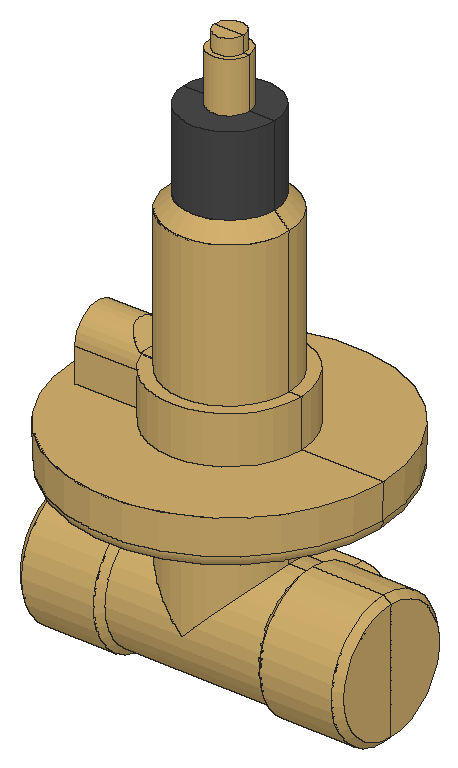
Revit family "AVPL_DN15_RFA", category Pipe Accessories, Revit 2019
Family settings
  Round Connector Dimension = Use Diameter
  Part Type = Valve - Breaks Into
  OmniClass Number = 23.65.55.14.17
  OmniClass Title = Adjusting/Controlling Valves for Liquid Services
  Work Plane-Based = No
  Always vertical = Yes
  Cut with Voids When Loaded = No
  Shared = No
Parameters (values of type "AVPL_DN15_Kvs1.0_003L5030")
  Weight = 0.64 kg
  W [instance] = 61.96 mm
  Valve Body Material = Danfoss Brass (DZR)
  URL = "https://store.danfoss.com/en/Climate-Solutions-for-heating/Pressure-and-Flow-Controllers/Differential-Pressure-Controllers/c/4118?q=%3Arelevance%3Adanfoss_producttypehierarchydesc%3AAVPL&text="
  Pressure Drop [instance] = 0.0 bar
  Nominal Pressure = "PN 16"  # constant formula
  Model Type = "AVPL_DN15_Kvs1.0"
  Model = "003L5030"
  Min Medium Temperature = "2 °C"  # constant formula
  Max Medium Temperature = "120 °C"  # constant formula
  Max Differential Pressure = "4.5 bar"  # constant formula
  Manufacturer = "Danfoss"  # constant formula
  LOD 350 = not(LOD 200)  # yes
  LOD 200 = no
  L [instance] = 65 mm
  Kvs = 1.0 m³/h
  IfcExportType = "AVPL"  # constant formula
  IfcExportAs = "IfcValveType"  # constant formula
  H [instance] = 104 mm
  Flow [instance] = 0.0 m³/h
  Differential Pressure Setting Range = "0.05-0.25 bar"  # constant formula
  Description = "Differential Pressure Controller"  # constant formula
  D = 15 mm  # constant formula
  Connection = "External Thread"  # constant formula
Types (3, lengths in mm): name | Weight | Model Type | Model | Kvs
  (no name) | 0.64 kg | "AVPL_DN15_Kvs1.0" | "003L5030" | 1.0 m³/h
  AVPL_DN15_Kvs1.0_003L5030 | 0.64 kg | "AVPL_DN15_Kvs1.0" | "003L5030" | 1.0 m³/h
  AVPL_DN15_Kvs1.6_003L5031 | 0.69 kg | "AVPL_DN15_Kvs1.6" | "003L5031" | 1.6 m³/h
Reference planes
  plane 1 "Center (Front/Back)": y = 0
  plane 2: z = 0
  plane 3 "Center (Left/Right)": x = 0
  plane 4: z = 40.314
  plane 5: z = 46
  plane 6: z = 33.5
  plane 7: y = 30.98
  plane 8: y = -30.98
  plane 9: x = -21
  plane 10: z = 8
  plane 11: x = 21
  plane 12: z = -8
Forms (mm)
  Revolve 1, solid, material "Danfoss Brass (DZR)" <- "Valve Body Material", visible <- "LOD 200", detail levels fine
    sketch origin (0, 0, 0) x (1, 0, 0) y (0, 0, 1)
      loop
        line (32.5, 13.221) -> (-32.5, 13.221) -> (-32.5, 0) -> (32.5, 0) -> (32.5, 13.221)
      axis (-32.5, 0) -> (32.5, 0)
    angle from 0 to 360
  Revolve 2, solid, material "Danfoss Brass (DZR)" <- "Valve Body Material", visible <- "LOD 200", detail levels fine
    sketch origin (0, 0, 0) x (1, 0, 0) y (0, 0, 1)
      loop
        line (0, 0) -> (0, 74.5) -> (-9.384, 74.5) -> (-12, 71.884) -> (-12, 43) -> (-14.526, 43) -> (-14.526, 33.5) -> (-30.98, 33.5) -> (-30.98, 22.5) -> (-12, 22.5) -> (-12, 0) -> (0, 0)
      axis (0, 0) -> (0, 74.5)
    angle from 0 to 360
  Revolve 3, solid, material "Danfoss Brass (DZR)" <- "Valve Body Material", visible <- "LOD 350", detail levels fine
    sketch origin (0, 0, 0) x (1, 0, 0) y (0, 0, 1)
      loop
        line (-16.721, 13.221) -> (-31.1, 13.221) -> (-32.5, 11.9) -> (-32.5, 0) -> (32.5, 0) -> (32.5, 11.9) -> (31.1, 13.221) -> (16.721, 13.221) -> (15.5, 12) -> (-15.5, 12) -> (-16.721, 13.221)
      axis (32.5, 0) -> (-32.5, 0)
    angle from 0 to 360
  Revolve 4, solid, material "Danfoss Brass (DZR)" <- "Valve Body Material", visible <- "LOD 350", detail levels fine
    sketch origin (0, 0, 0) x (1, 0, 0) y (0, 0, 1)
      loop
        line (9.107, 74.777) -> (0, 74.777) -> (0, 0) -> (12, 0) -> (12, 19.509)
        arc (12, 19.509) -> (14.195, 21.699) -> (17.191, 22.5) r 6
        line (17.191, 22.5) -> (21.5, 22.5) -> (23, 24) -> (28.357, 24)
        arc (28.357, 24) -> (30.11, 24.717) -> (30.857, 26.456) r 2.5
        line (30.857, 26.456) -> (30.98, 33.5) -> (14.526, 33.5) -> (14.526, 43) -> (12, 43) -> (12, 71.884) -> (9.107, 74.777)
      axis (0, 74.777) -> (0, 0)
    angle from 0 to 360
  Extrusion 5, solid, material "Danfoss Brass (DZR)" <- "Valve Body Material", visible <- "LOD 350", detail levels fine
    sketch origin (0, 0, 0) x (0, 1, 0) y (0, 0, 1)
      loop
        line (-5.686, 40.314) -> (-5.686, 33.5) -> (5.686, 33.5) -> (5.686, 40.314)
        arc (5.686, 40.314) -> (0, 46) -> (-5.686, 40.314) r 5.686
    from -26.411 to 0
  Extrusion 6, void
    sketch origin (0, 0, 0) x (1, 0, 0) y (0, 0, 1)
      loop
        line (0, 46) -> (-18, 46) -> (-14.019, 43) -> (0, 43) -> (0, 46)
    from -28.488 to 250
  Extrusion 7, solid, material "Danfoss Brass (DZR)" <- "Valve Body Material", visible <- "LOD 350", detail levels fine
    sketch origin (0, 0, 0) x (1, 0, 0) y (0, 0, 1)
      loop
        arc (-16, 8) -> (-19.536, 6.536) -> (-21, 3) r 5
        line (-21, 3) -> (-21, -3)
        arc (-21, -3) -> (-19.536, -6.536) -> (-16, -8) r 5
        line (-16, -8) -> (16, -8)
        arc (16, -8) -> (19.536, -6.536) -> (21, -3) r 5
        line (21, -3) -> (21, 3)
        arc (21, 3) -> (19.536, 6.536) -> (16, 8) r 5
        line (16, 8) -> (-16, 8)
    from -13.5 to 0
  Revolve 8, solid, material "Danfoss Plastic Black", detail levels fine
    sketch origin (0, 0, 0) x (1, 0, 0) y (0, 0, 1)
      loop
        line (0, 90.7) -> (0, 74.777) -> (9.107, 74.777) -> (9.107, 90.7) -> (0, 90.7)
      axis (0, 90.7) -> (0, 74.777)
    angle from 0 to 360
  Revolve 9, solid, material "Danfoss Brass (DZR)" <- "Valve Body Material", visible <- "LOD 350", detail levels fine
    sketch origin (0, 0, 0) x (1, 0, 0) y (0, 0, 1)
      loop
        line (0, 104) -> (0, 90.7) -> (4, 90.7) -> (4, 100.8) -> (2.9, 100.8) -> (2.9, 104) -> (0, 104)
      axis (0, 104) -> (0, 90.7)
    angle from 0 to 360
  Revolve 10, solid, material "Danfoss Brass (DZR)" <- "Valve Body Material", visible <- "LOD 200", detail levels fine
    sketch origin (0, 0, 0) x (1, 0, 0) y (0, 0, 1)
      loop
        line (0, 104) -> (-4, 104) -> (-4, 90.7) -> (0, 90.7) -> (0, 104)
      axis (0, 104) -> (0, 90.7)
    angle from 0 to 360
Cuts and joins
  Extrusion 6 cuts Revolve 1
  joined: Revolve 1, Revolve 2
  Extrusion 6 cuts Revolve 3
  joined: Revolve 3, Revolve 4
  Extrusion 6 cuts Extrusion 5
Dimensions and locks
  "W": plane 7 to plane 8
  locked: plane 11 to plane 3 "Center (Left/Right)" at 21
  locked: plane 3 "Center (Left/Right)" to plane 9 at 21
  locked: plane 10 to level at 8
  locked: level to plane 12 at 8
  "L": cut or joined group of Revolve 1, Revolve 2, Extrusion 6 to cut or joined group of Revolve 1, Revolve 2, Extrusion 6
  Revolve 9 sketch curve to Revolve 9 sketch curve = 13.3 mm
  Revolve 4 sketch curve to level = 74.777 mm
  Revolve 2 sketch curve to level = 74.5 mm
  "H": Revolve 9 to level
  plane 7 to plane 8 = 61.96 mm
  aligned and locked: level to plane 2
  aligned and locked: Revolve 1 sketch curve to plane 2
  aligned and locked: Revolve 1 sketch curve to level
  aligned and locked: plane 3 "Center (Left/Right)" to Revolve 2 sketch curve
  aligned and locked: plane 2 to Revolve 3 sketch curve
  aligned and locked: plane 3 "Center (Left/Right)" to Extrusion 5
  aligned and locked: Extrusion 7 sketch curve to plane 10
  aligned and locked: plane 9 to Extrusion 7 sketch curve
  aligned and locked: Extrusion 7 sketch curve to plane 12
  aligned and locked: plane 11 to Extrusion 7 sketch curve
  aligned and locked: plane 1 "Center (Front/Back)" to Extrusion 7
  aligned and locked: level to nested 1
  aligned and locked: nested 1 to plane 1 "Center (Front/Back)"
  aligned and locked: Revolve 8 sketch curve to plane 3 "Center (Left/Right)"  (x2)
  aligned and locked: Revolve 9 sketch curve to plane 3 "Center (Left/Right)"  (x2)
  aligned and locked: Revolve 4 sketch curve to plane 3 "Center (Left/Right)"
  aligned and locked: Revolve 10 sketch curve to plane 3 "Center (Left/Right)"  (x2)
  aligned and locked: Revolve 9 to Revolve 10 sketch curve
  aligned and locked: Revolve 8 to Revolve 10 sketch curve
  aligned and locked: Revolve 8 sketch curve to cut or joined group of Revolve 3, Revolve 4, Extrusion 6
  aligned and locked: Revolve 8 to Revolve 9 sketch curve
Nested families
  nested 1: "AV_Symbol" at (0, -40, -40), type "No Flange"
    with L3 50 mm, L2 60 mm, L1 65 mm, H2 35 mm, H1 30 mm, H' 40 mm
Connectors
  piping at (-32.5, 0, 0), diameter 15, driven by "D", driven by "Flow"
    settings: on cut or joined group of Revolve 1, Revolve 2, Extrusion 6, index 1, connector inside diameter 609.6 mm, connector length 0 mm, flow factor 0, pipe flow 0.0 m³/h, pressure drop 0.0 bar, fitting loss kfactor 0, connector angle 0.00°, fixture units 0, engagement length 0 mm, angle of deflection 0.00°, flow configuration 0, flow direction 0, fitting loss method 0, system type 29, joint type 0, gender type 0, connector reference index 2, connector utility 0, adjustable connector no, is connector primary yes, connector description ""
  piping at (32.5, 0, 0), diameter 15, driven by "D", driven by "Flow"
    settings: on cut or joined group of Revolve 1, Revolve 2, Extrusion 6, index 2, connector inside diameter 609.6 mm, connector length 0 mm, flow factor 0, pipe flow 0.0 m³/h, pressure drop 0.0 bar, fitting loss kfactor 0, connector angle 0.00°, fixture units 0, engagement length 0 mm, angle of deflection 0.00°, flow configuration 0, flow direction 0, fitting loss method 0, system type 29, joint type 0, gender type 0, connector reference index 1, connector utility 0, adjustable connector no, is connector primary no, connector description ""
Definition of nested family "AV_Symbol"
  Parameters (values of type "No Flange")
    L3 [instance] = 25 mm
    L2 [instance] = 300 mm
    L1 [instance] = 350 mm
    H2 [instance] = 200 mm
    H1 [instance] = 200 mm
    H' [instance] = 300 mm
    Flange = no
  Reference planes
    plane 1 "Center (Front/Back)": y = 0
    plane 2: z = 0
    plane 3 "Center (Left/Right)": x = 0
    plane 4 "New": y = 300
    plane 5: x = -175
    plane 6: x = 175
    plane 7: y = 100
    plane 8: y = -100
    plane 9: y = 400
    plane 10: y = 200
    plane 11: x = -150
    plane 12: x = 150
    plane 13: x = 200
    plane 14: x = -200
    plane 15: z = 100
    plane 16: z = -100
    plane 17: z = 300
    plane 18: z = 400
    plane 19: z = 200
  Lines and regions (mm)
    symbolic lines, detail levels coarse+medium
      curve 1: spline (-150, 0, 0) -> (-144.889, -25.882, 0) -> (-129.904, -50, 0) -> (-106.066, -70.711, 0) -> (-75, -86.603, 0) -> (-38.823, -96.593, 0) -> (0, -100, 0) -> (38.823, -96.593, 0) -> (75, -86.603, 0) -> (106.066, -70.711, 0) -> (129.904, -50, 0) -> (144.889, -25.882, 0) -> (150, 0, 0) -> (144.889, 25.882, 0) -> (129.904, 50, 0) -> (106.066, 70.711, 0) -> (75, 86.603, 0) -> (38.823, 96.593, 0) -> (0, 100, 0) -> (-38.823, 96.593, 0) -> (-75, 86.603, 0) -> (-106.066, 70.711, 0) -> (-129.904, 50, 0) -> (-144.889, 25.882, 0) -> (-150, 0, 0)
      curve 2: line (-175, 400, 0) -> (-175, 200, 0)
      curve 3: line (-175, 200, 0) -> (175, 400, 0)
      curve 4: line (175, 400, 0) -> (175, 200, 0)
      curve 5: line (175, 200, 0) -> (-175, 400, 0)
      curve 6: line (0, 100, 0) -> (0, 300, 0)
      curve 7: line (-150, 0, 0) -> (150, 0, 0)
    symbolic lines, visible <- "Flange", detail levels coarse+medium
      curve 8: line (-200, 400, 0) -> (-200, 200, 0)
      curve 9: line (200, 400, 0) -> (200, 200, 0)
    model lines, detail levels coarse+medium
      curve 10: line (-175, 300, 400) -> (-175, 300, 200)
      curve 11: line (175, 300, 400) -> (175, 300, 200)
      curve 12: line (-175, 300, 200) -> (175, 300, 400)
      curve 13: line (175, 300, 200) -> (-175, 300, 400)
      curve 14: spline (-150, 300, 0) -> (-144.889, 300, 25.882) -> (-129.904, 300, 50) -> (-106.066, 300, 70.711) -> (-75, 300, 86.603) -> (-38.823, 300, 96.593) -> (0, 300, 100) -> (38.823, 300, 96.593) -> (75, 300, 86.603) -> (106.066, 300, 70.711) -> (129.904, 300, 50) -> (144.889, 300, 25.882) -> (150, 300, 0) -> (144.889, 300, -25.882) -> (129.904, 300, -50) -> (106.066, 300, -70.711) -> (75, 300, -86.603) -> (38.823, 300, -96.593) -> (0, 300, -100) -> (-38.823, 300, -96.593) -> (-75, 300, -86.603) -> (-106.066, 300, -70.711) -> (-129.904, 300, -50) -> (-144.889, 300, -25.882) -> (-150, 300, 0)
      curve 15: line (0, 300, 300) -> (0, 300, 100)
      curve 16: line (-150, 300, 0) -> (150, 300, 0)
    model lines, visible <- "Flange", detail levels coarse+medium
      curve 17: line (-200, 300, 200) -> (-200, 300, 400)
      curve 18: line (200, 300, 200) -> (200, 300, 400)
  Dimensions and locks
    equal spacing: plane 5, plane 3 "Center (Left/Right)", plane 6
    "L1": plane 5 to plane 6
    equal spacing: plane 7, plane 1 "Center (Front/Back)", plane 8
    "H'": plane 4 "New" to plane 1 "Center (Front/Back)"
    "H2": plane 7 to plane 8
    equal spacing: plane 9, plane 4 "New", plane 10
    "H1": plane 9 to plane 10
    equal spacing: plane 11, plane 3 "Center (Left/Right)", plane 12
    "L2": plane 11 to plane 12
    "L3": plane 14 to plane 5
    "L3": plane 6 to plane 13
    "H'": plane 17 to level
    "H1": plane 18 to plane 19
    equal spacing: plane 18, plane 17, plane 19
    equal spacing: plane 15, level, plane 16
    "H2": plane 15 to plane 16
    aligned and locked: level to plane 2
    aligned and locked: plane 3 "Center (Left/Right)" to curve 1
    aligned and locked: plane 1 "Center (Front/Back)" to curve 1
    aligned and locked: plane 11 to curve 1
    aligned and locked: curve 2 to plane 5
    aligned and locked: curve 4 to plane 6
    aligned and locked: plane 10 to curve 5
    aligned and locked: plane 10 to curve 3
    aligned and locked: plane 9 to curve 5
    aligned and locked: plane 9 to curve 4
    aligned and locked: plane 3 "Center (Left/Right)" to curve 6
    aligned and locked: plane 7 to curve 6
    aligned and locked: plane 4 "New" to curve 6
    aligned and locked: plane 1 "Center (Front/Back)" to curve 7
    aligned and locked: plane 9 to curve 9
    aligned and locked: curve 9 to plane 13
    aligned and locked: plane 10 to curve 9
    aligned and locked: plane 9 to curve 8
    aligned and locked: plane 10 to curve 8
    aligned and locked: plane 14 to curve 8
    aligned and locked: curve 10 to plane 5
    aligned and locked: plane 18 to curve 11
    aligned and locked: curve 11 to plane 6
    aligned and locked: plane 18 to curve 13
    aligned and locked: plane 19 to curve 13
    aligned and locked: plane 19 to curve 12
    aligned and locked: plane 3 "Center (Left/Right)" to curve 14
    aligned and locked: level to curve 14
    aligned and locked: plane 11 to curve 14
    aligned and locked: curve 15 to plane 3 "Center (Left/Right)"
    aligned and locked: plane 17 to curve 15
    aligned and locked: plane 15 to curve 15
    aligned and locked: curve 16 to curve 14
    aligned and locked: curve 17 to plane 14
    aligned and locked: plane 18 to curve 17
    aligned and locked: plane 19 to curve 17
    aligned and locked: plane 13 to curve 18
    aligned and locked: plane 19 to curve 18
    aligned and locked: plane 18 to curve 18
